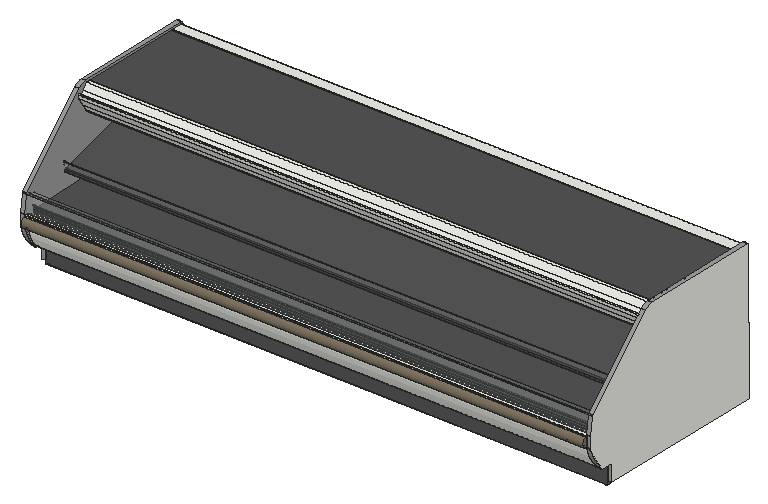
Revit family "CR3-P_2014", category Specialty Equipment, Revit 2014
Parameters (values of type "12'-0" Length")
  Width = 144"
  Waste Drain = 1 1/2"  # constant formula
  Upper Drain = if(Width = 48", 32", if(Width = 60", 44", if(Width = 72", 44", if(Width = 96", 56", if(Width = 120", 56", if(Width = 144", 77", 0"))))))  # 77"
  URL = "www.hussmann.com"
  Type Comments = "Chino"  # constant formula
  Trim = Stainless Steel
  Total Weight = Case Weight + (2 * End Weight)  # 0.00 lbf
  Splashguard = Textured Sheet Metal (Steel Painted) - 701 Black
  Side Panel - Right [instance] = yes
  Side Panel - Left [instance] = yes
  Shelves = Sheet Metal (Steel Painted) - 701 Black
  Revit Family Date = "09/15/2016"  # constant formula
  Refrigeration Lines Suction = 5/8"  # constant formula
  Refrigeration Lines Liquid = 3/8"  # constant formula
  Refrig. Suction = "Suction"
  Refrig. Liquid = "Liquid"
  Number of Supports = if(Width < 70", 2, if(Width < 140", 3, 4))  # 4
  Note from Manufacturer = "This model only comes in 4'-0\", 5'-0\", 6'-0\", 8'-0\", 10'-0\" and 12'-0\" lengths."
  Model URL = "http://www.hussmann.com/en/product%20viewer/display-cases/R3P,%20CR3P"
  Model = "CR3-P"  # constant formula
  Manufacturer Disclaimer = "The information in this file is not intended to be an exact representation of the corresponding Hussmann product.  Further, we reserve the right to change or revise specifications and product design in connection with any feature of our products. Such changes do not entitle the buyer to corresponding changes, improvements, additions, or replacements for equipment previously sold or shipped."  # constant formula
  Manufacturer = "Hussmann Corporation"  # constant formula
  Lower Drain = if(Width = 48", 7", if(Width = 60", 41", if(Width = 72", 41", if(Width = 96", 53", if(Width = 120", 53", if(Width = 144", 65", 0"))))))  # 65"
  Height = 60"  # constant formula
  Glazing = Glass
  Ends = Textured Sheet Metal (Steel Painted) - 149 White Satin Matte
  End Weight = 0.00 lbf  # constant formula
  Door Frame = Plastic - 144 Mist Gray
  Description = "Refrigerated Service Top with Self-Service Front Merchandiser - Curved Glass"  # constant formula
  Depth = 51 3/8"  # constant formula
  Cutsheet URL = "http://www.hussmann.com/en/Technical%20Documents/R3P_CR3P_032013_En.pdf"
  Case Weight = if(Width = 48", 0.00 lbf, if(Width = 60", 0.00 lbf, if(Width = 72", 0.00 lbf, if(Width = 96", 0.00 lbf, if(Width = 120", 0.00 lbf, if(Width = 144", 0.00 lbf, 0.00 lbf))))))  # 0.00 lbf
  Case Interior - Side Panel = Stainless Steel
  Case Interior - Back Panel = Stainless Steel
  Case = Textured Sheet Metal (Steel Painted) - 149 White Satin Matte
  Bumper = Extruded PVC - 747 Chocolate Brown
  Assembly Code = ""
  Accessories/Options = ""
  8 Case = Width = 96"  # no
  6 Case = Width = 72"  # no
  5 Case = Width = 60"  # no
  4 Case = Width = 48"  # no
  12 Case = Width = 144"  # yes
  10 Case = Width = 120"  # no
Reference planes (in)
  plane 1 "Back": y = 0
  plane 2 "Bottom": z = 0
  plane 3 "Left": x = -77.30699
  plane 4 "Front": y = -51.375
  plane 5 "Center (Left/Right)": x = -5.30699
  plane 6: x = -78.43199
  plane 7 "Right": x = 66.69301
  plane 8: x = 67.81801
  plane 9 "Top": z = 60
Forms (in)
  Extrusion 1, solid, material "Metal - Copper"
    sketch origin (63.0625, 1.04319, 0) x (1, 0, 0) y (0, 1, 0)
      loop
        arc (-76.49449, -39.16819) -> (-77.02482, -39.38786) -> (-77.24449, -39.91819) r 0.75
        arc (-77.24449, -39.91819) -> (-77.02482, -40.44852) -> (-76.49449, -40.66819) r 0.75
        arc (-76.49449, -40.66819) -> (-75.96416, -40.44852) -> (-75.74449, -39.91819) r 0.75
        arc (-75.74449, -39.91819) -> (-75.96416, -39.38786) -> (-76.49449, -39.16819) r 0.75
      loop
        circle (-76.49449, -39.91819) r 0.7102
    from 6 to 0
  Extrusion 2, solid, material "Metal - Copper"
    sketch origin (57.40105, 5, -0.375) x (1, 0, 0) y (0, 1, 0)
      loop
        circle (2.97946, -42.125) r 0.28859
      loop
        circle (2.97946, -42.125) r 0.3125
    from 6.375 to 0.375
  Extrusion 3, solid, material "Metal - Copper"
    sketch origin (59.82608, 5, -0.375) x (1, 0, 0) y (0, 1, 0)
      loop
        circle (1.05443, -42.125) r 0.17188
      loop
        circle (1.05443, -42.125) r 0.1875
    from 6.375 to 0.375
  Extrusion 4, solid, material "Textured Sheet Metal (Steel Painted) - 149 White Satin Matte" <- "Case"
    sketch origin (-5.30699, 0, 0) x (0, 1, 0) y (0, 0, 1)
      loop
        line (-22.46115, 27.76216) -> (-21.49557, 26.79658) -> (-21.49557, 24.18939) -> (-21.62938, 23.48724)
        arc (-21.62938, 23.48724) -> (-21.57491, 23.41075) -> (-21.50086, 23.46851) r 0.065
        line (-21.50086, 23.46851) -> (-21.46057, 23.86591) -> (-21.46057, 24.603) -> (-21.33057, 24.603) -> (-21.33057, 28.20482) -> (-18.84907, 28.20482) -> (-18.84907, 11.22133) -> (-19.81272, 11.22133) -> (-19.81272, 10.98732) -> (-18.78511, 10.98732) -> (-18.78511, 8.54867) -> (-19.77377, 7.56) -> (-46.50288, 7.56) -> (-46.50288, 12.79112) -> (-45.40061, 12.79112) -> (-45.40061, 12.6945) -> (-45.47094, 12.43202) -> (-45.41057, 12.41585) -> (-45.33811, 12.68627) -> (-45.33811, 12.908) -> (-45.28, 12.908) -> (-45.28, 13.253)
        arc (-45.28, 13.253) -> (-45.30694, 13.31806) -> (-45.372, 13.345) r 0.092
        line (-45.372, 13.345) -> (-45.717, 13.345) -> (-45.717, 13.94141)
        arc (-45.717, 13.94141) -> (-45.74394, 14.00646) -> (-45.809, 14.03341) r 0.092
        line (-45.809, 14.03341) -> (-46.751, 14.03341)
        arc (-46.751, 14.03341) -> (-46.81605, 14.00646) -> (-46.843, 13.94141) r 0.092
        line (-46.843, 13.94141) -> (-46.843, 13.345) -> (-47.28, 13.345) -> (-47.28, 13.283) -> (-48.58099, 13.283) -> (-48.90199, 13.60401) -> (-48.90199, 13.96008) -> (-48.96271, 13.96008) -> (-48.96351, 13.11258) -> (-49.45829, 13.11258) -> (-49.45829, 14.21959)
        arc (-49.45829, 14.21959) -> (-49.48538, 14.28499) -> (-49.55079, 14.31209) r 0.0925
        line (-49.55079, 14.31209) -> (-50.25619, 14.31209)
        arc (-50.25619, 14.31209) -> (-50.32159, 14.28499) -> (-50.34869, 14.21959) r 0.0925
        line (-50.34869, 14.21959) -> (-50.34869, 11.59625)
        arc (-50.34869, 11.59625) -> (-50.32159, 11.53085) -> (-50.25619, 11.50375) r 0.0925
        line (-50.25619, 11.50375) -> (-50.07513, 11.50375) -> (-50.08789, 11.43142) -> (-49.83617, 11.38702) -> (-49.3609, 11.43651)
        arc (-49.3609, 11.43651) -> (-49.33897, 11.43004) -> (-49.32797, 11.40999) r 0.03
        arc (-49.32797, 11.40999) -> (-48.43403, 8.24463) -> (-46.56508, 5.53804) r 10.04
        arc (-46.56508, 5.53804) -> (-46.48309, 5.52243) -> (-46.44444, 5.5964) r 0.07
        line (-46.44444, 5.5964) -> (-46.50836, 6) -> (-3.82626, 6) -> (-3.82626, 5.926) -> (-3.04534, 5.926)
        arc (-3.04534, 5.926) -> (-3.00554, 5.93392) -> (-2.9718, 5.95646) r 0.104
        line (-2.9718, 5.95646) -> (-2.28272, 6.64554)
        arc (-2.28272, 6.64554) -> (-2.26018, 6.67928) -> (-2.25226, 6.71908) r 0.104
        line (-2.25226, 6.71908) -> (-2.25226, 7.426) -> (-0.90026, 7.426) -> (-0.90026, 6.50554) -> (-1.00099, 5.93429)
        arc (-1.00099, 5.93429) -> (-0.98677, 5.88122) -> (-0.93697, 5.858) r 0.065
        line (-0.93697, 5.858) -> (-0.30896, 5.858)
        arc (-0.30896, 5.858) -> (-0.263, 5.87704) -> (-0.24396, 5.923) r 0.065
        line (-0.24396, 5.923) -> (-0.24396, 7.562) -> (-18.62296, 7.562) -> (-18.62296, 28.41908) -> (-0.20665, 28.41908) -> (-0.20665, 35.15451) -> (-0.27598, 35.41322) -> (-0.062, 35.41322) -> (-0.062, 35.28806) -> (-0.08379, 35.03772) -> (-0.02202, 35.03232) -> (0, 35.28405) -> (0, 35.91463)
        arc (0, 35.91463) -> (-0.0014, 35.93061) -> (-0.00555, 35.9461) r 0.092
        line (-0.00555, 35.9461) -> (-0.13705, 36.30739)
        arc (-0.13705, 36.30739) -> (-0.17092, 36.35153) -> (-0.22397, 36.36826) r 0.0925
        line (-0.22397, 36.36826) -> (-3.3174, 36.36826)
        arc (-3.3174, 36.36826) -> (-3.38281, 36.34116) -> (-3.4099, 36.27576) r 0.0925
        line (-3.4099, 36.27576) -> (-3.4099, 34.79576) -> (-11.36326, 34.79576) -> (-11.36326, 30.39451) -> (-16.44223, 30.23079) -> (-18.93751, 30.23079) -> (-23.89052, 30.60539) -> (-29.80417, 34.01963)
        arc (-29.80417, 34.01963) -> (-29.81515, 34.03061) -> (-29.81917, 34.04561) r 0.03
        line (-29.81917, 34.04561) -> (-29.81917, 36.32327)
        arc (-29.81917, 36.32327) -> (-29.8382, 36.36923) -> (-29.88417, 36.38827) r 0.065
        line (-29.88417, 36.38827) -> (-30.59463, 36.38827)
        arc (-30.59463, 36.38827) -> (-30.62338, 36.38157) -> (-30.6462, 36.36284) r 0.065
        line (-30.6462, 36.36284) -> (-31.70477, 34.98329) -> (-31.66106, 34.95754) -> (-32.27641, 34.15559) -> (-33.08439, 34.54092) -> (-33.0656, 34.5886) -> (-33.27915, 34.67278)
        arc (-33.27915, 34.67278) -> (-33.34587, 34.66101) -> (-33.36605, 34.59632) r 0.06515
        line (-33.36605, 34.59632) -> (-33.04839, 33.46331) -> (-31.70303, 31.44338) -> (-31.64932, 31.47523) -> (-30.80103, 30.0067) -> (-30.8313, 29.98923) -> (-30.69968, 29.76126)
        arc (-30.69968, 29.76126) -> (-30.66021, 29.73098) -> (-30.61089, 29.73747) r 0.065
        line (-30.61089, 29.73747) -> (-29.77517, 30.21997)
        arc (-29.77517, 30.21997) -> (-29.74489, 30.25944) -> (-29.75138, 30.30876) r 0.065
        line (-29.75138, 30.30876) -> (-29.85311, 30.48495)
        arc (-29.85311, 30.48495) -> (-29.85611, 30.50772) -> (-29.84213, 30.52594) r 0.03
        line (-29.84213, 30.52594) -> (-29.62575, 30.65086) -> (-28.74969, 30.65086) -> (-27.92081, 30.17176) -> (-25.08971, 27.77753)
        arc (-25.08971, 27.77753) -> (-25.07009, 27.76613) -> (-25.04774, 27.76216) r 0.065
        line (-25.04774, 27.76216) -> (-22.46115, 27.76216)
    from 72 to -72
  Extrusion 5, solid, material "Sheet Metal (Steel Painted) - 701 Black" <- "Shelves"
    sketch origin (-5.30699, 0, 0) x (0, 1, 0) y (0, 0, 1)
      loop
        line (-47.61712, 14.45678) -> (-47.60219, 13.99202) -> (-20.77257, 14.85426) -> (-20.77257, 24.58807) -> (-21.46057, 24.58807) -> (-21.46057, 15.3324) -> (-47.61825, 14.49176)
        arc (-47.61825, 14.49176) -> (-47.63973, 14.49986) -> (-47.6492, 14.52078) r 0.03
        line (-47.6492, 14.52078) -> (-47.68035, 15.49028)
        arc (-47.68035, 15.49028) -> (-47.75306, 15.55273) -> (-47.80894, 15.47486) r 0.065
        line (-47.80894, 15.47486) -> (-47.73857, 15.13915) -> (-47.70432, 15.14633) -> (-47.68418, 14.51966)
        arc (-47.68418, 14.51966) -> (-47.66367, 14.47433) -> (-47.61712, 14.45678) r 0.065
    from 72 to -72
  Extrusion 6, solid, material "Sheet Metal (Steel Painted) - 701 Black" <- "Shelves"
    sketch origin (-5.30699, 0, 0) x (0, 1, 0) y (0, 0, 1)
      loop
        arc (-37.34411, 19.5521) -> (-37.38206, 19.52298) -> (-37.38831, 19.47555) r 0.0625
        line (-37.38831, 19.47555) -> (-37.16853, 18.65534) -> (-37.42196, 18.58759) -> (-37.59054, 19.31788) -> (-37.65095, 19.30394) -> (-37.48224, 18.57316)
        arc (-37.48224, 18.57316) -> (-37.45376, 18.53396) -> (-37.40578, 18.52722) r 0.062
        line (-37.40578, 18.52722) -> (-36.5606, 18.75368) -> (-36.57816, 18.81924)
        arc (-36.57816, 18.81924) -> (-36.56591, 18.83781) -> (-36.56546, 18.86005) r 0.04
        line (-36.56546, 18.86005) -> (-36.73918, 19.52784) -> (-35.89449, 19.75115) -> (-35.85551, 19.6057) -> (-35.7722, 19.62803)
        arc (-35.7722, 19.62803) -> (-35.74564, 19.62453) -> (-35.72934, 19.60328) r 0.035
        line (-35.72934, 19.60328) -> (-35.64913, 19.30395)
        arc (-35.64913, 19.30395) -> (-35.63647, 19.2787) -> (-35.61486, 19.26052) r 0.07
        line (-35.61486, 19.26052) -> (-35.09408, 18.97832)
        arc (-35.09408, 18.97832) -> (-35.01737, 18.98491) -> (-34.99312, 19.05798) r 0.07
        line (-34.99312, 19.05798) -> (-35.04523, 19.25246) -> (-21.76668, 22.74793)
        arc (-21.76668, 22.74793) -> (-21.72873, 22.77705) -> (-21.72249, 22.82448) r 0.0625
        line (-21.72249, 22.82448) -> (-21.9166, 23.54892)
        arc (-21.9166, 23.54892) -> (-21.94572, 23.58687) -> (-21.99315, 23.59311) r 0.0625
        line (-21.99315, 23.59311) -> (-37.34411, 19.5521)
    from 72 to -72
  Extrusion 7, solid, material "Glass" <- "Glazing"
    sketch origin (-5.30699, 0, 0) x (0, 1, 0) y (0, 0, 1)
      loop
        line (-38.12142, 21.24718) -> (-37.40967, 18.59087) -> (-37.16815, 18.65544) -> (-37.87994, 21.31188)
        arc (-37.87994, 21.31188) -> (-38.03303, 21.40027) -> (-38.12142, 21.24718) r 0.125
    from 72 to -72
  Extrusion 8, solid, material "Glass" <- "Glazing"
    sketch origin (-5.30699, 0, 0) x (0, 1, 0) y (0, 0, 1)
      loop
        line (-49.45829, 18.62786) -> (-49.45829, 13.1275) -> (-48.9635, 13.1275) -> (-48.95829, 18.62727)
        arc (-48.95829, 18.62727) -> (-49.20799, 18.8775) -> (-49.45829, 18.62786) r 0.25
    from 72 to -72
  Extrusion 9, solid, material "Extruded PVC - 747 Chocolate Brown" <- "Bumper"
    sketch origin (-5.30699, 0, 0) x (0, 1, 0) y (0, 0, 1)
      loop
        arc (-50.34869, 13.99371) -> (-51.34869, 12.74371) -> (-50.34869, 11.49371) r 1.28125
        line (-50.34869, 11.49371) -> (-50.34869, 13.99371)
    from 72 to -72
  Extrusion 10, solid, material "Textured Sheet Metal (Steel Painted) - 701 Black" <- "Splashguard"
    sketch origin (-5.30699, 0, 0) x (0, 1, 0) y (0, 0, 1)
      loop
        arc (-43.31063, 5.5) -> (-43.33538, 5.48975) -> (-43.34563, 5.465) r 0.035
        line (-43.34563, 5.465) -> (-43.34563, 0.035)
        arc (-43.34563, 0.035) -> (-43.33538, 0.01025) -> (-43.31063, 0) r 0.035
        line (-43.31063, 0) -> (-42.81063, 0)
        arc (-42.81063, 0) -> (-42.78589, 0.01025) -> (-42.77563, 0.035) r 0.035
        line (-42.77563, 0.035) -> (-42.77563, 0.39508) -> (-42.85751, 0.39508) -> (-42.85751, 5.07508) -> (-42.77563, 5.07508) -> (-42.77563, 5.465)
        arc (-42.77563, 5.465) -> (-42.78589, 5.48975) -> (-42.81063, 5.5) r 0.035
        line (-42.81063, 5.5) -> (-43.31063, 5.5)
      loop
        line (-4.16626, 5.5) -> (-4.16626, 0.46987) -> (-3.82849, 0.06733) -> (-3.47087, 0.00427) -> (-3.46479, 0.03874) -> (-3.80987, 0.09959) -> (-4.13126, 0.48261) -> (-4.13126, 5.5) -> (-4.16626, 5.5)
    from 72 to -72
  Extrusion 11, solid, material "Sheet Metal (Steel Painted) - 701 Black" <- "Shelves"
    sketch origin (-5.30699, 0, 0) x (0, 1, 0) y (0, 0, 1)
      loop
        line (-3.53831, 36.34826) -> (-29.63456, 36.34826)
        arc (-29.63456, 36.34826) -> (-29.69997, 36.32117) -> (-29.72706, 36.25576) r 0.0925
        line (-29.72706, 36.25576) -> (-29.72706, 34.69276) -> (-3.44581, 34.69276) -> (-3.44581, 36.25576)
        arc (-3.44581, 36.25576) -> (-3.47291, 36.32117) -> (-3.53831, 36.34826) r 0.0925
    from 72 to -72
  Extrusion 12, solid, material "Metal - Copper"
    sketch origin (-56.6875, 24.04319, 0) x (1, 0, 0) y (0, 1, 0)
      loop
        arc (56.38051, -40.66819) -> (55.85018, -40.88786) -> (55.63051, -41.41819) r 0.75
        arc (55.63051, -41.41819) -> (55.85018, -41.94852) -> (56.38051, -42.16819) r 0.75
        arc (56.38051, -42.16819) -> (56.91084, -41.94852) -> (57.13051, -41.41819) r 0.75
        arc (57.13051, -41.41819) -> (56.91084, -40.88786) -> (56.38051, -40.66819) r 0.75
      loop
        circle (56.38051, -41.41819) r 0.7102
    from 6 to 0
  Extrusion 13, solid, material "Glass" <- "Glazing"
    sketch origin (-5.30699, 0, 0) x (0, 1, 0) y (0, 0, 1)
      loop
        line (-47.77768, 18.51872) -> (-47.6492, 14.52078) -> (-47.39933, 14.52881) -> (-47.52781, 18.52675) -> (-47.77768, 18.51872)
    from 72 to -72
  Extrusion 14, solid, material "Textured Sheet Metal (Steel Painted) - 149 White Satin Matte" <- "Ends", visible <- "Side Panel - Left"
    sketch origin (-77.30699, 0.08508, 0) x (0, 1, 0) y (0, 0, 1)
      loop
        line (-50.34869, 14.37387) -> (-50.34869, 11.46764)
        arc (-50.34869, 11.46764) -> (-50.34593, 11.43063) -> (-50.33773, 11.39444) r 0.25
        arc (-50.33773, 11.39444) -> (-48.92364, 8.20563) -> (-46.79055, 5.44554) r 14.53568
        arc (-46.79055, 5.44554) -> (-46.68653, 5.38353) -> (-46.5668, 5.36534) r 0.315
        line (-46.5668, 5.36534) -> (-43.96008, 5.36534)
        arc (-43.96008, 5.36534) -> (-43.69491, 5.2555) -> (-43.58508, 4.99034) r 0.375
        line (-43.58508, 4.99034) -> (-43.58508, 1) -> (0.07784, 1) -> (0.07784, 36.36826)
        arc (0.07784, 36.36826) -> (0.00461, 36.54503) -> (-0.17216, 36.61826) r 0.25
        line (-0.17216, 36.61826) -> (-30.61133, 36.61826)
        arc (-30.61133, 36.61826) -> (-31.75647, 36.3911) -> (-32.72819, 35.74402) r 3
        line (-32.72819, 35.74402) -> (-49.55161, 18.99101)
        arc (-49.55161, 18.99101) -> (-49.63135, 18.89401) -> (-49.68441, 18.7802) r 0.5
        arc (-49.68441, 18.7802) -> (-50.12247, 16.593) -> (-50.34869, 14.37387) r 23.22394
    from -1.125 to 0
  Extrusion 15, solid, material "Textured Sheet Metal (Steel Painted) - 149 White Satin Matte" <- "Ends", visible <- "Side Panel - Right"
    sketch origin (-77.30699, 0.08508, 0) x (0, 1, 0) y (0, 0, 1)
      loop
        line (-50.34869, 14.37387) -> (-50.34869, 11.46764)
        arc (-50.34869, 11.46764) -> (-50.34593, 11.43063) -> (-50.33773, 11.39444) r 0.25
        arc (-50.33773, 11.39444) -> (-48.92364, 8.20563) -> (-46.79055, 5.44554) r 14.53568
        arc (-46.79055, 5.44554) -> (-46.68653, 5.38353) -> (-46.5668, 5.36534) r 0.315
        line (-46.5668, 5.36534) -> (-43.96008, 5.36534)
        arc (-43.96008, 5.36534) -> (-43.69491, 5.2555) -> (-43.58508, 4.99034) r 0.375
        line (-43.58508, 4.99034) -> (-43.58508, 1) -> (0.07784, 1) -> (0.07784, 36.36826)
        arc (0.07784, 36.36826) -> (0.00461, 36.54503) -> (-0.17216, 36.61826) r 0.25
        line (-0.17216, 36.61826) -> (-30.61133, 36.61826)
        arc (-30.61133, 36.61826) -> (-31.75647, 36.3911) -> (-32.72819, 35.74402) r 3
        line (-32.72819, 35.74402) -> (-49.55161, 18.99101)
        arc (-49.55161, 18.99101) -> (-49.63135, 18.89401) -> (-49.68441, 18.7802) r 0.5
        arc (-49.68441, 18.7802) -> (-50.12247, 16.593) -> (-50.34869, 14.37387) r 23.22394
    from 144 to 145.125
Lines and regions (in)
  reference lines
    curve 1: line (-75.99499, -51.375, 0) -> (-75.99499, 0, 0)
    curve 2: line (-0.30699, -51.375, 0) -> (-0.30699, 0, 0)
    curve 3: line (-13.43199, -51.375, 0) -> (-13.43199, 0, 0)
    curve 4: line (65.38051, -51.375, 0) -> (65.38051, 0, 0)
    curve 5: line (60.69301, -51.375, 0) -> (60.69301, 0, 0)
    curve 6: line (-77.30699, -38.875, 0) -> (66.69301, -38.875, 0)
    curve 7: line (66.69301, -37.125, 0) -> (-77.30699, -37.125, 0)
    curve 8: line (-77.30699, -17.375, 0) -> (66.69301, -17.375, 0)
Dimensions and locks (in)
  equal spacing: plane 3 "Left", plane 5 "Center (Left/Right)", plane 7 "Right"
  locked: plane 6 to plane 3 "Left" at 1.125
  "Width": plane 3 "Left" to plane 7 "Right"
  plane 3 "Left" to curve 1 = 1.312"
  "Upper Drain": plane 3 "Left" to curve 2
  locked: curve 4 to plane 7 "Right" at 1.3125
  "Lower Drain": plane 6 to curve 3
  "Depth": plane 4 "Front" to plane 1 "Back"
  locked: curve 5 to plane 7 "Right" at 6
  "Height": plane 9 "Top" to level
  locked: plane 1 "Back" to curve 8 at 17.375
  locked: curve 7 to plane 4 "Front" at 14.25
  locked: plane 7 "Right" to plane 8 at 1.125
  locked: Extrusion 1 sketch curve to Extrusion 1 sketch curve at 0.0398
  locked: Extrusion 3 sketch curve to Extrusion 3 sketch curve at 0.01562
  locked: Extrusion 2 sketch curve to Extrusion 2 sketch curve at 0.02391
  locked: Extrusion 12 sketch curve to Extrusion 12 sketch curve at 0.0398
  locked: curve 6 to plane 4 "Front" at 12.5
  nested 1 to plane 1 "Back" = 5 7/8"
  equal spacing: group 1, group 3, group 4, group 2  (x3)
  "Waste Drain": diameter of Extrusion 1 sketch curve
  "Refrigeration Lines Liquid": diameter of Extrusion 3 sketch curve
  "Refrigeration Lines Suction": diameter of Extrusion 2 sketch curve
  "Waste Drain": diameter of Extrusion 12 sketch curve
  aligned and locked: plane 4 "Front" to curve 3
  aligned and locked: plane 4 "Front" to curve 4
  aligned and locked: plane 4 "Front" to curve 2
  aligned and locked: plane 4 "Front" to curve 1
  aligned and locked: plane 3 "Left" to curve 6
  aligned and locked: plane 3 "Left" to curve 7
  aligned and locked: plane 7 "Right" to curve 7
  aligned and locked: plane 7 "Right" to curve 6
  aligned and locked: Extrusion 2 to level
  aligned and locked: Extrusion 3 to level
  aligned and locked: curve 7 to Extrusion 3 sketch curve  (x4)
  aligned and locked: curve 7 to Extrusion 2 sketch curve  (x4)
  aligned and locked: curve 6 to Extrusion 1 sketch curve  (x3)
  aligned and locked: curve 3 to Extrusion 1 sketch curve
  aligned and locked: curve 5 to Extrusion 3 sketch curve
  aligned and locked: curve 5 to Extrusion 2 sketch curve
  aligned and locked: Extrusion 1 to level
  aligned and locked: Extrusion 3 to plane 2 "Bottom"
  aligned and locked: Extrusion 2 to plane 2 "Bottom"
  aligned and locked: Extrusion 2 to Extrusion 1
  aligned and locked: Extrusion 3 to Extrusion 1
  aligned and locked: Extrusion 4 to plane 3 "Left"
  aligned and locked: plane 7 "Right" to Extrusion 4
  aligned and locked: Extrusion 6 to plane 3 "Left"
  aligned and locked: plane 7 "Right" to Extrusion 6
  aligned and locked: Extrusion 7 to plane 3 "Left"
  aligned and locked: plane 7 "Right" to Extrusion 7
  aligned and locked: Extrusion 8 to plane 3 "Left"
  aligned and locked: plane 7 "Right" to Extrusion 8
  aligned and locked: Extrusion 9 to plane 3 "Left"
  aligned and locked: plane 7 "Right" to Extrusion 9
  aligned and locked: Extrusion 10 to plane 3 "Left"
  aligned and locked: plane 7 "Right" to Extrusion 10
  aligned and locked: plane 7 "Right" to Extrusion 5
  aligned and locked: Extrusion 5 to plane 3 "Left"
  aligned and locked: Extrusion 11 to plane 3 "Left"
  aligned and locked: plane 7 "Right" to Extrusion 11
  aligned and locked: curve 8 to Extrusion 12 sketch curve
  aligned and locked: Extrusion 12 to Extrusion 1
  aligned and locked: curve 1 to nested 1
  aligned and locked: curve 4 to nested 2
  aligned and locked: nested 2 to nested 1
  aligned and locked: plane 3 "Left" to nested 3
  aligned and locked: plane 3 "Left" to nested 4
  aligned and locked: Extrusion 13 to plane 3 "Left"
  aligned and locked: plane 7 "Right" to Extrusion 13
  aligned and locked: plane 3 "Left" to nested 5
  aligned and locked: plane 6 to Extrusion 14
  aligned and locked: plane 3 "Left" to Extrusion 14
  aligned and locked: plane 8 to Extrusion 15
  aligned and locked: Extrusion 15 to plane 7 "Right"
Automatic sketch dimensions
  Extrusion 4 sketch curve to plane 1 "Back" = 0"
  plane 1 "Back" to Extrusion 4 sketch curve = 0.00555"
  plane 1 "Back" to Extrusion 4 sketch curve = 0.02202"
  plane 1 "Back" to Extrusion 4 sketch curve = 0.062"
  Extrusion 4 sketch curve to Extrusion 4 sketch curve = 0.06176"
  Extrusion 4 sketch curve to Extrusion 4 sketch curve = 0.08645"
  plane 1 "Back" to Extrusion 4 sketch curve = 0.13705"
  plane 1 "Back" to Extrusion 4 sketch curve = 0.20665"
  Extrusion 4 sketch curve to Extrusion 4 sketch curve = 0.08692"
  plane 1 "Back" to Extrusion 4 sketch curve = 0.24396"
  Extrusion 4 sketch curve to Extrusion 4 sketch curve = 0.21398"
  Extrusion 4 sketch curve to Extrusion 4 sketch curve = 0.065"  (x4)
  Extrusion 4 sketch curve to Extrusion 4 sketch curve = 0.6563"
  Extrusion 4 sketch curve to Extrusion 4 sketch curve = 0.03672"
  Extrusion 4 sketch curve to Extrusion 4 sketch curve = 0.06401"
  Extrusion 4 sketch curve to Extrusion 4 sketch curve = 1.352"
  Extrusion 4 sketch curve to Extrusion 4 sketch curve = 0.03046"  (x2)
  Extrusion 4 sketch curve to Extrusion 4 sketch curve = 0.104"
  Extrusion 4 sketch curve to Extrusion 4 sketch curve = 0.68908"  (x2)
  Extrusion 4 sketch curve to Extrusion 4 sketch curve = 0.07354"
  Extrusion 4 sketch curve to Extrusion 4 sketch curve = 3.09343"
  Extrusion 4 sketch curve to Extrusion 4 sketch curve = 0.0925"  (x4)
  Extrusion 4 sketch curve to Extrusion 4 sketch curve = 0.78092"
  Extrusion 4 sketch curve to Extrusion 4 sketch curve = 7.95336"
  Extrusion 4 sketch curve to Extrusion 4 sketch curve = 5.07897"
  Extrusion 4 sketch curve to Extrusion 4 sketch curve = 14.7967"
  Extrusion 4 sketch curve to Extrusion 4 sketch curve = 0.16215"
  Extrusion 4 sketch curve to Extrusion 4 sketch curve = 0.06396"
  Extrusion 4 sketch curve to Extrusion 4 sketch curve = 0.31455"
  Extrusion 4 sketch curve to Extrusion 4 sketch curve = 1.15081"
  Extrusion 4 sketch curve to Extrusion 4 sketch curve = 0.96365"
  Extrusion 4 sketch curve to Extrusion 4 sketch curve = 2.4815"
  Extrusion 4 sketch curve to Extrusion 4 sketch curve = 0.13"
  Extrusion 4 sketch curve to Extrusion 4 sketch curve = 0.165"
  Extrusion 4 sketch curve to Extrusion 4 sketch curve = 0.04029"
  Extrusion 4 sketch curve to Extrusion 4 sketch curve = 0.06467"
  Extrusion 4 sketch curve to Extrusion 4 sketch curve = 0.06385"
  Extrusion 4 sketch curve to Extrusion 4 sketch curve = 1.13058"
  Extrusion 4 sketch curve to Extrusion 4 sketch curve = 1.42937"
  Extrusion 4 sketch curve to Extrusion 4 sketch curve = 2.58659"
  Extrusion 4 sketch curve to Extrusion 4 sketch curve = 0.04197"
  Extrusion 4 sketch curve to Extrusion 4 sketch curve = 2.8311"
  Extrusion 4 sketch curve to Extrusion 4 sketch curve = 1.70494"
  Extrusion 4 sketch curve to Extrusion 4 sketch curve = 0.12563"
  Extrusion 4 sketch curve to Extrusion 4 sketch curve = 0.02379"  (x2)
  Extrusion 4 sketch curve to Extrusion 4 sketch curve = 0.16342"
  Extrusion 4 sketch curve to Extrusion 4 sketch curve = 0.015"  (x3)
  Extrusion 4 sketch curve to Extrusion 4 sketch curve = 0.0325"  (x2)
  Extrusion 4 sketch curve to Extrusion 4 sketch curve = 0.03"
  Extrusion 4 sketch curve to Extrusion 4 sketch curve = 0.07575"
  Extrusion 4 sketch curve to Extrusion 4 sketch curve = 0.02598"
  Extrusion 4 sketch curve to Extrusion 4 sketch curve = 0.71047"
  Extrusion 4 sketch curve to Extrusion 4 sketch curve = 0.83571"
  Extrusion 4 sketch curve to Extrusion 4 sketch curve = 0.05157"
  Extrusion 4 sketch curve to Extrusion 4 sketch curve = 0.05629"  (x2)
  Extrusion 4 sketch curve to Extrusion 4 sketch curve = 0.15765"
  Extrusion 4 sketch curve to Extrusion 4 sketch curve = 0.03026"
  Extrusion 4 sketch curve to Extrusion 4 sketch curve = 0.84828"
  Extrusion 4 sketch curve to Extrusion 4 sketch curve = 1 17/256"
  Extrusion 4 sketch curve to Extrusion 4 sketch curve = 0.05372"
  Extrusion 4 sketch curve to Extrusion 4 sketch curve = 0.04371"
  Extrusion 4 sketch curve to Extrusion 4 sketch curve = 0.57164"
  Extrusion 4 sketch curve to Extrusion 4 sketch curve = 0.77198"
  Extrusion 4 sketch curve to Extrusion 4 sketch curve = 0.78919"
  Extrusion 4 sketch curve to Extrusion 4 sketch curve = 0.0188"
  Extrusion 4 sketch curve to Extrusion 4 sketch curve = 0.21355"
  Extrusion 4 sketch curve to Extrusion 4 sketch curve = 0.02369"
  Extrusion 4 sketch curve to Extrusion 4 sketch curve = 0.06322"
  plane 4 "Front" to Extrusion 4 sketch curve = 12.02557"
  Extrusion 4 sketch curve to Extrusion 4 sketch curve = 5.93057"
  Extrusion 4 sketch curve to Extrusion 4 sketch curve = 0.05811"
  Extrusion 4 sketch curve to Extrusion 4 sketch curve = 0.092"  (x3)
  Extrusion 4 sketch curve to Extrusion 4 sketch curve = 1/16"
  Extrusion 4 sketch curve to Extrusion 4 sketch curve = 0.00996"
  Extrusion 4 sketch curve to Extrusion 4 sketch curve = 0.06037"
  Extrusion 4 sketch curve to Extrusion 4 sketch curve = 0.345"  (x2)
  plane 4 "Front" to Extrusion 4 sketch curve = 4.93056"
  Extrusion 4 sketch curve to Extrusion 4 sketch curve = 0.78588"
  Extrusion 4 sketch curve to Extrusion 4 sketch curve = 0.06392"
  Extrusion 4 sketch curve to Extrusion 4 sketch curve = 0.06914"
  Extrusion 4 sketch curve to Extrusion 4 sketch curve = 0.942"
  Extrusion 4 sketch curve to Extrusion 4 sketch curve = 0.437"
  Extrusion 4 sketch curve to Extrusion 4 sketch curve = 1.30099"
  Extrusion 4 sketch curve to Extrusion 4 sketch curve = 0.321"  (x2)
  Extrusion 4 sketch curve to Extrusion 4 sketch curve = 0.38252"
  Extrusion 4 sketch curve to Extrusion 4 sketch curve = 0.39428"
  Extrusion 4 sketch curve to Extrusion 4 sketch curve = 0.00311"
  Extrusion 4 sketch curve to Extrusion 4 sketch curve = 0.49478"
  Extrusion 4 sketch curve to Extrusion 4 sketch curve = 0.47528"
  Extrusion 4 sketch curve to Extrusion 4 sketch curve = 0.23896"
  Extrusion 4 sketch curve to Extrusion 4 sketch curve = 0.01276"
  Extrusion 4 sketch curve to Extrusion 4 sketch curve = 0.18105"
  Extrusion 4 sketch curve to Extrusion 4 sketch curve = 0.7054"
  level to Extrusion 4 sketch curve = 5.58545"
  Extrusion 4 sketch curve to Extrusion 4 sketch curve = 0.01095"
  level to Extrusion 4 sketch curve = 5.858"
  Extrusion 4 sketch curve to Extrusion 4 sketch curve = 0.00829"
  Extrusion 4 sketch curve to Extrusion 4 sketch curve = 0.074"
  Extrusion 4 sketch curve to Extrusion 4 sketch curve = 0.57125"
  Extrusion 4 sketch curve to Extrusion 4 sketch curve = 0.92046"
  Extrusion 4 sketch curve to Extrusion 4 sketch curve = 1.56"
  Extrusion 4 sketch curve to Extrusion 4 sketch curve = 0.136"
  Extrusion 4 sketch curve to Extrusion 4 sketch curve = 0.98667"
  Extrusion 4 sketch curve to Extrusion 4 sketch curve = 2.43865"
  Extrusion 4 sketch curve to Extrusion 4 sketch curve = 0.234"
  Extrusion 4 sketch curve to Extrusion 4 sketch curve = 3.82702"
  Extrusion 4 sketch curve to Extrusion 4 sketch curve = 0.01965"
  Extrusion 4 sketch curve to Extrusion 4 sketch curve = 0.0444"
  Extrusion 4 sketch curve to Extrusion 4 sketch curve = 0.02984"
  Extrusion 4 sketch curve to Extrusion 4 sketch curve = 0.97933"
  Extrusion 4 sketch curve to Extrusion 4 sketch curve = 0.01618"
  Extrusion 4 sketch curve to Extrusion 4 sketch curve = 0.16711"
  Extrusion 4 sketch curve to Extrusion 4 sketch curve = 0.09662"
  Extrusion 4 sketch curve to Extrusion 4 sketch curve = 0.11688"
  Extrusion 4 sketch curve to Extrusion 4 sketch curve = 1.67607"
  Extrusion 4 sketch curve to Extrusion 4 sketch curve = 0.17042"
  Extrusion 4 sketch curve to Extrusion 4 sketch curve = 0.062"
  Extrusion 4 sketch curve to Extrusion 4 sketch curve = 0.59641"
  Extrusion 4 sketch curve to Extrusion 4 sketch curve = 0.35608"
  Extrusion 4 sketch curve to Extrusion 4 sketch curve = 0.2595"
  Extrusion 4 sketch curve to Extrusion 4 sketch curve = 12.24719"
  Extrusion 4 sketch curve to Extrusion 4 sketch curve = 0.00656"
  Extrusion 4 sketch curve to Extrusion 4 sketch curve = 0.39739"
  Extrusion 4 sketch curve to Extrusion 4 sketch curve = 0.32348"
  Extrusion 4 sketch curve to Extrusion 4 sketch curve = 0.41361"
  Extrusion 4 sketch curve to Extrusion 4 sketch curve = 2.19359"
  Extrusion 4 sketch curve to Extrusion 4 sketch curve = 0.96558"
  Extrusion 4 sketch curve to Extrusion 4 sketch curve = 0.01537"
  Extrusion 4 sketch curve to Extrusion 4 sketch curve = 1.40824"
  Extrusion 4 sketch curve to Extrusion 4 sketch curve = 0.21425"
  Extrusion 4 sketch curve to Extrusion 4 sketch curve = 1.95994"
  Extrusion 4 sketch curve to Extrusion 4 sketch curve = 0.22796"
  Extrusion 4 sketch curve to Extrusion 4 sketch curve = 0.4825"
  Extrusion 4 sketch curve to Extrusion 4 sketch curve = 1.81171"
  Extrusion 4 sketch curve to Extrusion 4 sketch curve = 0.16372"
  Extrusion 4 sketch curve to Extrusion 4 sketch curve = 0.17619"
  Extrusion 4 sketch curve to Extrusion 4 sketch curve = 2.77822"
  Extrusion 4 sketch curve to Extrusion 4 sketch curve = 0.137"
  Extrusion 4 sketch curve to Extrusion 4 sketch curve = 1.45415"
  Extrusion 4 sketch curve to Extrusion 4 sketch curve = 0.03185"
  Extrusion 4 sketch curve to Extrusion 4 sketch curve = 2.01993"
  Extrusion 4 sketch curve to Extrusion 4 sketch curve = 2.5444"
  Extrusion 4 sketch curve to Extrusion 4 sketch curve = 0.69228"
  Extrusion 4 sketch curve to Extrusion 4 sketch curve = 0.38533"
  Extrusion 4 sketch curve to Extrusion 4 sketch curve = 0.04768"
  Extrusion 4 sketch curve to Extrusion 4 sketch curve = 0.07646"
  Extrusion 4 sketch curve to Extrusion 4 sketch curve = 6.37668"
  Extrusion 4 sketch curve to Extrusion 4 sketch curve = 0.80195"
  Extrusion 4 sketch curve to Extrusion 4 sketch curve = 0.02575"
  Extrusion 4 sketch curve to Extrusion 4 sketch curve = 0.23656"
  Extrusion 4 sketch curve to Extrusion 4 sketch curve = 0.0054"
  Extrusion 4 sketch curve to Extrusion 4 sketch curve = 0.11679"
  Extrusion 4 sketch curve to Extrusion 4 sketch curve = 0.00402"
  Extrusion 4 sketch curve to Extrusion 4 sketch curve = 0.12516"
  Extrusion 4 sketch curve to Extrusion 4 sketch curve = 0.50141"
  Extrusion 4 sketch curve to Extrusion 4 sketch curve = 1.48"
  Extrusion 4 sketch curve to Extrusion 4 sketch curve = 1.36573"
  Extrusion 4 sketch curve to Extrusion 4 sketch curve = 0.05151"
  Extrusion 5 sketch curve to Extrusion 5 sketch curve = 0"  (x2)
  plane 4 "Front" to Extrusion 5 sketch curve = 3.56606"
  Extrusion 5 sketch curve to Extrusion 5 sketch curve = 0.06362"
  Extrusion 5 sketch curve to Extrusion 5 sketch curve = 0.07036"
  Extrusion 5 sketch curve to Extrusion 5 sketch curve = 0.03426"
  Extrusion 5 sketch curve to Extrusion 5 sketch curve = 0.0544"
  Extrusion 5 sketch curve to Extrusion 5 sketch curve = 0.06497"
  Extrusion 5 sketch curve to Extrusion 5 sketch curve = 0.03498"  (x2)
  Extrusion 5 sketch curve to Extrusion 5 sketch curve = 0.02998"
  Extrusion 5 sketch curve to Extrusion 5 sketch curve = 0.00096"
  Extrusion 5 sketch curve to Extrusion 5 sketch curve = 0.00112"
  Extrusion 5 sketch curve to Extrusion 5 sketch curve = 0.01494"
  plane 1 "Back" to Extrusion 5 sketch curve = 21.46057"
  Extrusion 5 sketch curve to Extrusion 5 sketch curve = 0.688"
  level to Extrusion 5 sketch curve = 13.99202"
  Extrusion 5 sketch curve to Extrusion 5 sketch curve = 0.46476"
  Extrusion 5 sketch curve to Extrusion 5 sketch curve = 0.0279"
  Extrusion 5 sketch curve to Extrusion 5 sketch curve = 0.6195"
  Extrusion 5 sketch curve to Extrusion 5 sketch curve = 0.00718"
  Extrusion 5 sketch curve to Extrusion 5 sketch curve = 0.47815"
  Extrusion 5 sketch curve to Extrusion 5 sketch curve = 0.01333"
  Extrusion 5 sketch curve to Extrusion 5 sketch curve = 9.25567"
  plane 4 "Front" to Extrusion 6 sketch curve = 13.72405"
  Extrusion 6 sketch curve to Extrusion 6 sketch curve = 0.06041"
  Extrusion 6 sketch curve to Extrusion 6 sketch curve = 0.16871"
  Extrusion 6 sketch curve to Extrusion 6 sketch curve = 0.06028"
  Extrusion 6 sketch curve to Extrusion 6 sketch curve = 0.00013"
  Extrusion 6 sketch curve to Extrusion 6 sketch curve = 0.01605"
  Extrusion 6 sketch curve to Extrusion 6 sketch curve = 0.20224"
  Extrusion 6 sketch curve to Extrusion 6 sketch curve = 0.04419"
  Extrusion 6 sketch curve to Extrusion 6 sketch curve = 0.06037"  (x4)
  Extrusion 6 sketch curve to Extrusion 6 sketch curve = 0.25343"
  Extrusion 6 sketch curve to Extrusion 6 sketch curve = 0.58875"
  Extrusion 6 sketch curve to Extrusion 6 sketch curve = 0.56443"
  Extrusion 6 sketch curve to Extrusion 6 sketch curve = 0.02594"
  Extrusion 6 sketch curve to Extrusion 6 sketch curve = 0.03864"
  Extrusion 6 sketch curve to Extrusion 6 sketch curve = 0.01757"
  Extrusion 6 sketch curve to Extrusion 6 sketch curve = 0.8447"
  Extrusion 6 sketch curve to Extrusion 6 sketch curve = 0.03897"
  Extrusion 6 sketch curve to Extrusion 6 sketch curve = 0.08331"
  Extrusion 6 sketch curve to Extrusion 6 sketch curve = 0.00906"  (x2)
  Extrusion 6 sketch curve to Extrusion 6 sketch curve = 0.03381"
  Extrusion 6 sketch curve to Extrusion 6 sketch curve = 0.08021"
  Extrusion 6 sketch curve to Extrusion 6 sketch curve = 0.03427"
  Extrusion 6 sketch curve to Extrusion 6 sketch curve = 0.03335"  (x2)
  Extrusion 6 sketch curve to Extrusion 6 sketch curve = 0.52078"
  Extrusion 6 sketch curve to Extrusion 6 sketch curve = 0.01551"
  Extrusion 6 sketch curve to Extrusion 6 sketch curve = 0.06761"
  Extrusion 6 sketch curve to Extrusion 6 sketch curve = 13.05208"
  Extrusion 6 sketch curve to Extrusion 6 sketch curve = 0.01618"  (x4)
  Extrusion 6 sketch curve to Extrusion 6 sketch curve = 0.19411"
  level to Extrusion 6 sketch curve = 18.52722"
  Extrusion 6 sketch curve to Extrusion 6 sketch curve = 0.04594"
  Extrusion 6 sketch curve to Extrusion 6 sketch curve = 0.00048"
  Extrusion 6 sketch curve to Extrusion 6 sketch curve = 0.06775"
  Extrusion 6 sketch curve to Extrusion 6 sketch curve = 0.09835"
  Extrusion 6 sketch curve to Extrusion 6 sketch curve = 0.03045"
  Extrusion 6 sketch curve to Extrusion 6 sketch curve = 0.11828"
  Extrusion 6 sketch curve to Extrusion 6 sketch curve = 0.06155"
  Extrusion 6 sketch curve to Extrusion 6 sketch curve = 0.19448"
  Extrusion 6 sketch curve to Extrusion 6 sketch curve = 0.00806"
  Extrusion 6 sketch curve to Extrusion 6 sketch curve = 0.73078"
  Extrusion 6 sketch curve to Extrusion 6 sketch curve = 0.04343"
  Extrusion 6 sketch curve to Extrusion 6 sketch curve = 0.15767"
  Extrusion 6 sketch curve to Extrusion 6 sketch curve = 0.03611"
  Extrusion 6 sketch curve to Extrusion 6 sketch curve = 0.29027"
  Extrusion 6 sketch curve to Extrusion 6 sketch curve = 0.02232"
  Extrusion 6 sketch curve to Extrusion 6 sketch curve = 3.49547"
  Extrusion 6 sketch curve to Extrusion 6 sketch curve = 0.72444"
  plane 4 "Front" to Extrusion 7 sketch curve = 13.25358"
  Extrusion 7 sketch curve to Extrusion 7 sketch curve = 0.12074"  (x2)
  Extrusion 7 sketch curve to Extrusion 7 sketch curve = 0.71175"
  Extrusion 7 sketch curve to Extrusion 7 sketch curve = 0.24152"
  level to Extrusion 7 sketch curve = 18.59087"
  Extrusion 7 sketch curve to Extrusion 7 sketch curve = 0.06457"
  Extrusion 7 sketch curve to Extrusion 7 sketch curve = 2.6563"
  Extrusion 7 sketch curve to Extrusion 7 sketch curve = 0.03235"
  plane 4 "Front" to Extrusion 8 sketch curve = 1.91671"
  Extrusion 8 sketch curve to Extrusion 8 sketch curve = 1/4"  (x2)
  level to Extrusion 8 sketch curve = 13.1275"
  Extrusion 8 sketch curve to Extrusion 8 sketch curve = 5.49976"
  plane 4 "Front" to Extrusion 9 sketch curve = 1.02631"
  plane 4 "Front" to Extrusion 9 sketch curve = 1.30756"
  level to Extrusion 9 sketch curve = 11.49371"
  Extrusion 9 sketch curve to Extrusion 9 sketch curve = 1 1/4"
  level to Extrusion 10 sketch curve = 0.035"
  plane 4 "Front" to Extrusion 10 sketch curve = 8.02937"
  Extrusion 10 sketch curve to Extrusion 10 sketch curve = 0.035"  (x3)
  Extrusion 10 sketch curve to level = 0"
  Extrusion 10 sketch curve to Extrusion 10 sketch curve = 29/64"
  Extrusion 10 sketch curve to Extrusion 10 sketch curve = 3/64"  (x2)
  Extrusion 10 sketch curve to Extrusion 10 sketch curve = 0.08187"
  plane 1 "Back" to Extrusion 10 sketch curve = 4.16626"
  level to Extrusion 10 sketch curve = 0.06733"
  Extrusion 10 sketch curve to Extrusion 10 sketch curve = 0.30277"
  level to Extrusion 10 sketch curve = 0.09959"
  Extrusion 10 sketch curve to Extrusion 10 sketch curve = 0.01862"
  level to Extrusion 10 sketch curve = 0.00427"
  Extrusion 10 sketch curve to Extrusion 10 sketch curve = 0.339"
  level to Extrusion 10 sketch curve = 0.03874"
  Extrusion 10 sketch curve to Extrusion 10 sketch curve = 0.00608"
  Extrusion 10 sketch curve to Extrusion 10 sketch curve = 0.36008"
  level to Extrusion 10 sketch curve = 0.46987"
  Extrusion 10 sketch curve to Extrusion 10 sketch curve = 0.01274"
  Extrusion 10 sketch curve to Extrusion 10 sketch curve = 4.68"
  Extrusion 10 sketch curve to Extrusion 10 sketch curve = 0.38992"
  Extrusion 10 sketch curve to Extrusion 10 sketch curve = 5.01739"
  plane 4 "Front" to Extrusion 11 sketch curve = 21.64794"
  Extrusion 11 sketch curve to Extrusion 11 sketch curve = 0.0925"  (x2)
  plane 1 "Back" to Extrusion 11 sketch curve = 3.53831"
  Extrusion 11 sketch curve to Extrusion 11 sketch curve = 1.563"
  plane 4 "Front" to Extrusion 13 sketch curve = 3.59732"
  plane 4 "Front" to Extrusion 13 sketch curve = 3.7258"
  Extrusion 13 sketch curve to Extrusion 13 sketch curve = 0.24987"
  level to Extrusion 13 sketch curve = 14.52078"
  Extrusion 13 sketch curve to Extrusion 13 sketch curve = 0.00803"
  Extrusion 8 sketch curve to Extrusion 8 sketch curve = 0.49479"
  Extrusion 8 sketch curve to Extrusion 8 sketch curve = 0.00024"
  Extrusion 4 sketch curve to Extrusion 4 sketch curve = 0.06072"
  Extrusion 4 sketch curve to Extrusion 4 sketch curve = 0.82887"
  Extrusion 4 sketch curve to Extrusion 4 sketch curve = 0.47911"
  plane 9 "Top" to Extrusion 11 sketch curve = 25.30724"
  plane 4 "Front" to Extrusion 14 sketch curve = 1.11139"
  Extrusion 14 sketch curve to Extrusion 14 sketch curve = 1/4"
  plane 4 "Front" to Extrusion 14 sketch curve = 1.90847"
  Extrusion 14 sketch curve to Extrusion 14 sketch curve = 0.34332"
  plane 4 "Front" to Extrusion 14 sketch curve = 4.87984"
  Extrusion 14 sketch curve to Extrusion 14 sketch curve = 0.01343"
  Extrusion 14 sketch curve to Extrusion 14 sketch curve = 2.60672"
  level to Extrusion 14 sketch curve = 1"
  Extrusion 14 sketch curve to Extrusion 14 sketch curve = 3/8"
  Extrusion 14 sketch curve to Extrusion 14 sketch curve = 7.52115"
  plane 4 "Front" to Extrusion 14 sketch curve = 18.73189"
  Extrusion 14 sketch curve to Extrusion 14 sketch curve = 2.11687"
  Extrusion 14 sketch curve to Extrusion 14 sketch curve = 9.2809"
  plane 1 "Back" to Extrusion 14 sketch curve = 0.08708"
  Extrusion 14 sketch curve to plane 1 "Back" = 0.16292"
  Extrusion 14 sketch curve to Extrusion 14 sketch curve = 3.99034"
  Extrusion 14 sketch curve to Extrusion 14 sketch curve = 0.31471"
  Extrusion 14 sketch curve to Extrusion 14 sketch curve = 5.78758"
  level to Extrusion 14 sketch curve = 13.13097"
  Extrusion 14 sketch curve to Extrusion 14 sketch curve = 2.51899"
  Extrusion 14 sketch curve to Extrusion 14 sketch curve = 7.15987"
  Extrusion 14 sketch curve to Extrusion 14 sketch curve = 0.3635"
  Extrusion 14 sketch curve to Extrusion 14 sketch curve = 17.9683"
  Extrusion 14 sketch curve to Extrusion 14 sketch curve = 2.12576"
  Extrusion 14 sketch curve to Extrusion 14 sketch curve = 0"
  Extrusion 14 sketch curve to Extrusion 14 sketch curve = 17/128"
  plane 4 "Front" to Extrusion 15 sketch curve = 1.11139"
  Extrusion 15 sketch curve to Extrusion 15 sketch curve = 1/4"
  plane 4 "Front" to Extrusion 15 sketch curve = 1.90847"
  Extrusion 15 sketch curve to Extrusion 15 sketch curve = 0.34332"
  plane 4 "Front" to Extrusion 15 sketch curve = 4.87984"
  Extrusion 15 sketch curve to Extrusion 15 sketch curve = 0.01343"
  Extrusion 15 sketch curve to Extrusion 15 sketch curve = 2.60672"
  level to Extrusion 15 sketch curve = 1"
  Extrusion 15 sketch curve to Extrusion 15 sketch curve = 3/8"
  Extrusion 15 sketch curve to Extrusion 15 sketch curve = 7.52115"
  plane 4 "Front" to Extrusion 15 sketch curve = 18.73189"
  Extrusion 15 sketch curve to Extrusion 15 sketch curve = 2.11687"
  Extrusion 15 sketch curve to Extrusion 15 sketch curve = 9.2809"
  plane 1 "Back" to Extrusion 15 sketch curve = 0.08708"
  Extrusion 15 sketch curve to plane 1 "Back" = 0.16292"
  Extrusion 15 sketch curve to Extrusion 15 sketch curve = 3.99034"
  Extrusion 15 sketch curve to Extrusion 15 sketch curve = 0.31471"
  Extrusion 15 sketch curve to Extrusion 15 sketch curve = 5.78758"
  level to Extrusion 15 sketch curve = 13.13097"
  Extrusion 15 sketch curve to Extrusion 15 sketch curve = 2 29/32"
  Extrusion 15 sketch curve to Extrusion 15 sketch curve = 2.51899"
  Extrusion 15 sketch curve to Extrusion 15 sketch curve = 4.25364"
  Extrusion 15 sketch curve to Extrusion 15 sketch curve = 0.3635"
  Extrusion 15 sketch curve to Extrusion 15 sketch curve = 17.9683"
  Extrusion 15 sketch curve to Extrusion 15 sketch curve = 2.12576"
  Extrusion 15 sketch curve to Extrusion 15 sketch curve = 0"
  Extrusion 1 sketch curve to Extrusion 1 sketch curve = 0"  (x2)
  Extrusion 2 sketch curve to Extrusion 2 sketch curve = 0"
  Extrusion 3 sketch curve to Extrusion 3 sketch curve = 0"
  curve 8 to plane 3 "Left" = 0"
  curve 8 to plane 7 "Right" = 0"
  curve 5 to plane 4 "Front" = 0"
  plane 1 "Back" to curve 1 = 0"
  plane 1 "Back" to curve 4 = 0"
  plane 1 "Back" to curve 2 = 0"
  plane 1 "Back" to curve 3 = 0"
  plane 1 "Back" to curve 5 = 0"
  Extrusion 12 sketch curve to Extrusion 12 sketch curve = 0"  (x3)
  plane 5 "Center (Left/Right)" to Extrusion 12 sketch curve = 5"
Nested families (in)
  nested 1: "Floor Support - Pegs" at (-75.99499, -30.6875, 0), type "Floor Support - Pegs"
  nested 2: "Floor Support - Pegs" at (65.38051, -30.6875, 0), type "Floor Support - Pegs"
  nested 3: "Light" at (-5.30699, -20.5797, -21.84914), type "Light"
  nested 4: "Light" at (-5.30699, -27.70882, -32.86051), type "Light"
  nested 5: "Sliding Doors" at (-77.30699, -0.27157, 7.54708), type "Sliding Doors"
  nested 6: "Shelf Braket - 02" at (-75.99499, -21.43296, 17.95167), type "Shelf Braket - 02"
  nested 7: "Shelf Braket - 02" at (65.38051, -21.43296, 17.95167), type "Shelf Braket - 02"
  nested 8: "Floor Support - Pegs" at (-28.86982, -30.6875, 0), type "Floor Support - Pegs"
  nested 9: "Shelf Braket - 02" at (-28.86982, -21.43296, 17.95167), type "Shelf Braket - 02"
  nested 10: "Floor Support - Pegs" at (18.25535, -30.6875, 0), type "Floor Support - Pegs"
  nested 11: "Shelf Braket - 02" at (18.25535, -21.43296, 17.95167), type "Shelf Braket - 02"
Connectors (in)
  piping at (-13.43199, -38.875, 0), diameter 1.5, driven by "Waste Drain"
    settings: on Extrusion 1, index 8, connector inside diameter 1 1/4", connector length 0", flow factor 0, pipe flow 0 GPM, pressure drop 0.00 psi, fitting loss kfactor 0, connector angle 0.00°, fixture units 0, engagement length 0", angle of deflection 0.00°, flow configuration 0, flow direction 0, fitting loss method 0, system type 16, joint type 0, gender type 0, connector reference index -1, connector utility 0, adjustable connector no, is connector primary yes, connector description "1 1/4\""
  piping at (60.38051, -37.125, 0), diameter 0.625, driven by "Refrig. Suction", driven by "Refrigeration Lines Suction"
    settings: on Extrusion 2, index 9, connector inside diameter 7/8", connector length 0", flow factor 0, pipe flow 0 GPM, pressure drop 0.00 psi, fitting loss kfactor 0, connector angle 0.00°, fixture units 0, engagement length 0", angle of deflection 0.00°, flow configuration 0, flow direction 2, fitting loss method 0, system type 22, joint type 0, gender type 0, connector reference index -1, connector utility 0, adjustable connector no, is connector primary no, connector description "Suction"
  piping at (60.88051, -37.125, 0), diameter 0.375, driven by "Refrig. Liquid", driven by "Refrigeration Lines Liquid"
    settings: on Extrusion 3, index 10, connector inside diameter 3/8", connector length 0", flow factor 0, pipe flow 0 GPM, pressure drop 0.00 psi, fitting loss kfactor 0, connector angle 0.00°, fixture units 0, engagement length 0", angle of deflection 0.00°, flow configuration 0, flow direction 1, fitting loss method 0, system type 22, joint type 0, gender type 0, connector reference index -1, connector utility 0, adjustable connector no, is connector primary no, connector description "Liquid"
  piping at (-0.30699, -17.375, 0), diameter 1.5, driven by "Waste Drain"
    settings: on Extrusion 12, index 13, connector inside diameter 1 1/4", connector length 0", flow factor 0, pipe flow 0 GPM, pressure drop 0.00 psi, fitting loss kfactor 0, connector angle 0.00°, fixture units 0, engagement length 0", angle of deflection 0.00°, flow configuration 0, flow direction 0, fitting loss method 0, system type 16, joint type 0, gender type 0, connector reference index -1, connector utility 0, adjustable connector no, is connector primary no, connector description ""
Definition of nested family "Floor Support - Pegs"
  Parameters (values of type "Floor Support - Pegs")
    Leg = Stainless Steel
    Height = 6"
    Depth = 35 3/4"
  Reference planes (in)
    plane 1 "Center (Front/Back)": y = 6.9375
    plane 2: z = 0
    plane 3 "Center (Left/Right)": x = 0
    plane 4: z = 6
    plane 5: y = 24.8125
    plane 6: y = -10.9375
  Forms (in)
    Revolve 1, solid, material "Stainless Steel" <- "Leg"
      sketch origin (0, 0, 0) x (0, 1, 0) y (0, 0, 1)
        loop
          line (-10.9375, 0) -> (-10.4375, 0) -> (-10.4375, 1.00794)
          arc (-10.4375, 1.00794) -> (-10.21653, 1.09947) -> (-10.125, 1.32044) r 0.3125
          line (-10.125, 1.32044) -> (-10.125, 3.375) -> (-10, 3.375) -> (-10, 6) -> (-10.9375, 6) -> (-10.9375, 0)
        axis (-10.9375, 0) -> (-10.9375, 6)
      angle from 0 to 360
    Revolve 2, solid, material "Stainless Steel" <- "Leg"
      sketch origin (0, 35.75, 0) x (0, 1, 0) y (0, 0, 1)
        loop
          line (-10.9375, 0) -> (-10.4375, 0) -> (-10.4375, 1.00794)
          arc (-10.4375, 1.00794) -> (-10.21653, 1.09947) -> (-10.125, 1.32044) r 0.3125
          line (-10.125, 1.32044) -> (-10.125, 3.375) -> (-10, 3.375) -> (-10, 6) -> (-10.9375, 6) -> (-10.9375, 0)
        axis (-10.9375, 0) -> (-10.9375, 6)
      angle from 0 to 360
  Dimensions and locks (in)
    "Height": plane 4 to level
    Revolve 1 sketch curve to Revolve 1 sketch curve = 5/16"
    locked: Revolve 1 sketch curve to Revolve 1 sketch curve at 0.5
    "Depth": plane 6 to plane 5
    equal spacing: plane 6, plane 1 "Center (Front/Back)", plane 5
    plane 4 to Revolve 1 sketch curve = 2 5/8"
    locked: Revolve 1 sketch curve to Revolve 1 sketch curve at 0.125
    Revolve 2 sketch curve to Revolve 2 sketch curve = 5/16"
    locked: Revolve 2 sketch curve to Revolve 2 sketch curve at 0.5
    locked: Revolve 2 sketch curve to Revolve 2 sketch curve at 0.125
    aligned and locked: plane 2 to level
    aligned and locked: Revolve 1 sketch curve to Revolve 1 sketch curve
    aligned and locked: plane 6 to Revolve 1 sketch curve
    aligned and locked: Revolve 2 sketch curve to Revolve 2 sketch curve
    aligned and locked: plane 5 to Revolve 2 sketch curve
  Automatic sketch dimensions
    Revolve 1 sketch curve to level = 0"  (x2)
    Revolve 1 sketch curve to plane 4 = 0"  (x2)
    Revolve 1 sketch curve to Revolve 1 sketch curve = 1.00794"
    Revolve 2 sketch curve to level = 0"  (x2)
    Revolve 2 sketch curve to plane 4 = 0"  (x2)
    level to Revolve 2 sketch curve = 1.00794"
    Revolve 2 sketch curve to Revolve 2 sketch curve = 2.05456"
Definition of nested family "Sliding Doors"
  Parameters (values of type "Sliding Doors")
    Width = 144"
    Sliding Door = Plastic - 144 Mist Gray
    Height = 20 7/8"
  Reference planes (in)
    plane 1 "Back": y = 0
    plane 2: z = 0
    plane 3 "Left": x = 0
    plane 4: z = 20.875
    plane 5 "Right": x = 144
    plane 6 "Front": y = -1
    plane 7: x = 72
    plane 8: x = 71
    plane 9: x = 73
    plane 10: y = -0.5
  Forms (in)
    Extrusion 1, solid, material "Plastic - 144 Mist Gray" <- "Sliding Door"
      sketch origin (47, -24.3965, -7.37618) x (0, 1, 0) y (0, 0, 1)
        loop
          line (23.3965, 28.25118) -> (23.3965, 7.37618) -> (23.8965, 7.37618) -> (23.8965, 28.25118) -> (23.3965, 28.25118)
      from -47 to 26
    Extrusion 2, solid, material "Plastic - 144 Mist Gray" <- "Sliding Door"
      sketch origin (47, -24.3965, -7.37618) x (0, 1, 0) y (0, 0, 1)
        loop
          line (23.8965, 7.37618) -> (24.3965, 7.37618) -> (24.3965, 28.25118) -> (23.8965, 28.25118) -> (23.8965, 7.37618)
      from 24 to 97
    Extrusion 3, void
      sketch origin (25, -24.3965, -7.37618) x (1, 0, 0) y (0, 0, 1)
        loop
          circle (117, 17.81368) r 1
      from -24.3965 to -23.8965
    Extrusion 4, void
      sketch origin (47, -24.3965, -7.37618) x (1, 0, 0) y (0, 0, 1)
        loop
          circle (-45, 17.81368) r 1
      from -23.8965 to -23.3965
  Cuts and joins
    Extrusion 3 cuts Extrusion 2
    Extrusion 4 cuts Extrusion 1
  Dimensions and locks (in)
    "Height": plane 4 to level
    "Width": plane 5 "Right" to plane 3 "Left"
    equal spacing: plane 5 "Right", plane 7, plane 3 "Left"
    plane 9 to plane 7 to plane 8 = 1" locked, 1" locked
    equal spacing: plane 4, Extrusion 4 sketch curve, level
    equal spacing: plane 4, Extrusion 3 sketch curve, level
    locked: plane 5 "Right" to Extrusion 3 sketch curve at 2
    locked: Extrusion 4 sketch curve to plane 3 "Left" at 2
    plane 6 "Front" to plane 1 "Back" = 1"
    equal spacing: plane 6 "Front", plane 10, plane 1 "Back"
    aligned and locked: level to plane 2
    aligned and locked: plane 4 to Extrusion 1
    aligned and locked: Extrusion 2 to plane 4
    aligned and locked: plane 5 "Right" to Extrusion 2
    aligned and locked: Extrusion 1 to plane 3 "Left"
    aligned and locked: Extrusion 1 to level
    aligned and locked: Extrusion 2 to level
    aligned and locked: Extrusion 1 to plane 9
    aligned and locked: Extrusion 2 to plane 8
    aligned and locked: Extrusion 2 to plane 1 "Back"
    aligned and locked: Extrusion 3 to plane 1 "Back"
    aligned and locked: Extrusion 2 to Extrusion 3
    aligned and locked: Extrusion 1 to cut or joined group of Extrusion 2, Extrusion 3
    aligned and locked: plane 6 "Front" to Extrusion 4
    aligned and locked: Extrusion 1 to Extrusion 4
  Automatic sketch dimensions
    Extrusion 1 sketch curve to level = 0"
    Extrusion 1 sketch curve to plane 6 "Front" = 0"
    Extrusion 1 sketch curve to Extrusion 1 sketch curve = 1/2"
    Extrusion 1 sketch curve to plane 4 = 0"
    Extrusion 2 sketch curve to level = 0"
    Extrusion 2 sketch curve to plane 6 "Front" = 1/2"
    Extrusion 2 sketch curve to Extrusion 2 sketch curve = 1/2"
    Extrusion 2 sketch curve to plane 4 = 0"
    radius of Extrusion 3 sketch curve = 1"
    radius of Extrusion 4 sketch curve = 1"
Definition of nested family "Shelf Braket - 02"
  Parameters (values of type "Shelf Braket - 02")
    Shelf Bracket = Stainless Steel
  Reference planes (in)
    plane 1 "Center (Front/Back)": y = 0
    plane 2: z = 0
    plane 3 "Center (Left/Right)": x = 0
  Forms (in)
    Extrusion 1, solid, material "Stainless Steel" <- "Shelf Bracket"
      sketch origin (0, 0, 0.57051) x (0, 1, 0) y (0, 0, 1)
        loop
          line (-11.8593, -0.57051) -> (-1.0625, 1.86551) -> (-0.9375, 2.08201) -> (-0.82925, 2.01951) -> (-0.95425, 1.80301) -> (-0.54999, 1.65322) -> (-0.48529, 1.8947) -> (-0.36455, 1.86235) -> (-0.42925, 1.62087) -> (0, 1.58081) -> (0, 1.83081) -> (0.125, 1.83081) -> (0.125, 1.58081) -> (0.55032, 1.65197) -> (0.48529, 1.8947) -> (0.60603, 1.92705) -> (0.66983, 1.68893) -> (0.74614, 1.70938) -> (0.83453, 1.86247) -> (0.73837, 2.22133) -> (0.58528, 2.30972) -> (0.00283, 2.17168) -> (-0.50249, 2.33547) -> (-0.719, 2.46047) -> (0, 3.70581) -> (-0.03235, 3.82655) -> (0.08839, 3.85891) -> (0.19664, 3.79641) -> (0.13414, 3.68815) -> (0.15309, 3.61742) -> (0.38084, 3.67845) -> (0.46923, 3.83154) -> (0.37217, 4.19376) -> (0.21908, 4.28215) -> (-12.26337, 0.93749) -> (-11.8593, -0.57051)
        loop
          circle (0.289, 3.98456) r 0.07
      from 0.125 to -0.125
    Extrusion 2, solid, material "Stainless Steel" <- "Shelf Bracket"
      sketch origin (0, 0, 0.57051) x (0, 1, 0) y (0, 0, 1)
        loop
          line (-0.29106, 4.25416) -> (-12.29055, 1.03891) -> (-12.26337, 0.93749) -> (-0.26388, 4.15274) -> (-0.29106, 4.25416)
      from 0.25 to -0.25
  Dimensions and locks (in)
    aligned and locked: plane 2 to level
Definition of nested family "Light"
  Parameters (values of type "Light")
    Wattage = 16.1571 W
    built-in parameter 1150110 = 1 (stored number, unit not read)
    built-in parameter 1114217 = 1 (stored number, unit not read)
    built-in parameter 1150109 = 1 (stored number, unit not read)
    built-in parameter 1150134 = (empty or 0)
    built-in parameter 1150113 = 1 (stored number, unit not read)
    Lumens = 2400 lm
    built-in parameter 1150115 = 1 (stored number, unit not read)
    built-in parameter 1150105 = 763.94 (stored number, unit not read)
    Light Source Symbol Size = 24"
    built-in parameter 1150137 = (empty or 0)
    built-in parameter 1150139 = (empty or 0)
    Lense = none
    Length = 24"
    built-in parameter 1150112 = 1 (stored number, unit not read)
    built-in parameter 1150114 = 1 (stored number, unit not read)
    built-in parameter 1150132 = 2
    built-in parameter 1150102 = (empty or 0)
    built-in parameter 1150138 = (empty or 0)
    built-in parameter 1150107 = 6100 (stored number, unit not read)
    built-in parameter 1150106 = 7.6394 (stored number, unit not read)
    Emit from Line Length = Length  # 24"
    built-in parameter 1150104 = 13.8 (stored number, unit not read)
    Dimming Lamp Color Temperature Shift = (empty or 0)
    Color Filter = 16777215
    Casing = none
    built-in parameter 1114218 = 1 (stored number, unit not read)
    built-in parameter 1150133 = 10 (stored number, unit not read)
  Reference planes (in)
    plane 1 "Light Source Axis (F/B)": y = -8.60801
    plane 2: z = 0
    plane 3 "Light Source Axis (L/R)": x = 0
